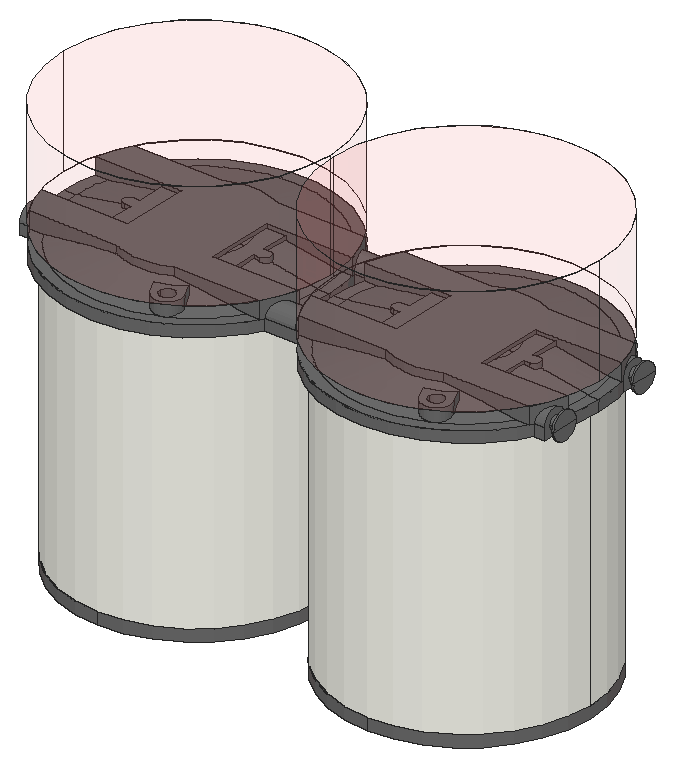
Revit family
Parameters (values of type "1320CSF")
  Watermarked By = "http://revitwatermark.com"
  Water_Ice Tank Volume = "3310 Gallons"
  Warning = "Ice tanks are a component in an ice storage system including chillers, pumps, and controls. Contact CALMAC for IceBank® selection support to make sure all system components will work together properly."
  URL = "http://www.calmac.com/"
  Total Cooling Capacity [instance] = 0.0 ton
  Tank Net Usable Capacity = "324 Ton-Hrs"
  Is Tank 2 Lid Visible = not(CTRL Off)  # yes
  Is Tank 2 Front Right Connector Visible = not(CTRL Off)  # yes
  Is Tank 2 Front Left Connector Visible = not(CTRL On)  # no
  Is Tank 2 Back Right Connector Visible = not(CTRL Off)  # yes
  Is Tank 2 Back Left Connector Visible = not(CTRL On)  # no
  Is Tank 1 Front Right Connector Visible = not(CTRL Off)  # yes
  Is Tank 1 Front Left Connector Visible = not(CTRL Off)  # yes
  Is Tank 1 Back Right Connector Visible = not(CTRL Off)  # yes
  Is Tank 1 Back Left Connector Visible = not(CTRL Off)  # yes
  Surface Finish = Plastic- Calmac- Black
  Supply Coolant Temperature [instance] = -459.67 °F
  Storage Inlet Temperature [instance] = 60 °F
  Shipping Weight = 4000.00 lbf
  Return Coolant Temperature [instance] = -459.67 °F
  Requires Plate Heat Exchanger [instance] = no
  Project/Customer = ""
  Product Page URL = "http://www.calmac.com/products/icebank.asp"
  Product Documentation Link = "http://www.calmac.com/products/documents/CS-53Model1320CSFAug2007.pdf"
  Pressure Drop [instance] = 0.00 psi
  Precool Hours [instance] = 0
  Pipe Material = Plastic- Calmac- Black
  Operating Weight = 34000.00 lbf
  Occupied Hours [instance] = 0
  Model = "1320C"
  Maximum Operating Temperature = "38°C"
  Maximum Operating Pressure = "620 kPa"
  Manufacturer e-mail = "info@Calmac.com"
  Manufacturer Contact Details = "CALMAC Manufacturing Corporation Headquarters, 3-00 Banta Place, Fair Lawn, NJ  07410, Tel: (201) 797-1511, Fax: (201) 797-1522"
  Manufacturer = "CALMAC Manufacturing Corp."  # constant formula
  Main Use [instance] = ""
  Location [instance] = ""
  Lid Type = Cooling_Plant_Accessories-Calmac-IceBank-Lid_C : Lid-C
  Lid Diameter = 89"  # constant formula
  Leg 4 = 134"  # constant formula
  Leg 2 = 90"  # constant formula
  Leg 1 = 46"  # constant formula
  Latent Cooling Capacity [instance] = 0.0 ton
  Inlet Outlet Center Height = 96 1/2"  # constant formula
  Heat Exchanger Volume = "315 Gallons"
  Has Rigging Bar [instance] = no
  Has Plate and Frame Heat Exchanger [instance] = no
  Has Ice Inventory Meter [instance] = no
  Has Heat Transfer Fluid [instance] = no
  Has Glycol Management System [instance] = no
  Floor Loading Weight = "391 lb/sq.ft."
  Factory Tested Pressure = "1724 kPa"
  Diversity Factor [instance] = 0
  Discharge Rate [instance] = 0
  Discharge Hours [instance] = 0
  Description = "Off-Peak Cooling System"
  Is Clearance Box Visible [instance] = yes
  Clearance Box Height = 36"  # constant formula
  City/State [instance] = ""
  CTRL On = yes
  CTRL Off = not(CTRL On)  # no
  CTRL Hydronic Supply Description = "Hydronic Supply"  # constant formula
  CTRL Hydronic Return Description = "Hydronic Return"  # constant formula
  CTRL Base Radius = 41 3/8"
  Body Material = Plastic- Calmac- Off_White
  Has Solid Base [instance] = yes
  Is Tank 2 Visible = not(CTRL Off)  # yes
  Base Height = Inlet Outlet Center Height - 3 3/4"  # 92 3/4"
  Base Finish = Plastic- Calmac- Black
  Assembly Code = "D3030300"
  Actual Chilled Water Flow [instance] = 0 GPM
Reference planes (in)
  plane 1 "Center (Front/Back)": y = 0
  plane 2 "Bottom": z = 0
  plane 3 "Center (Left/Right)": x = 0
  plane 4 "Left 2 Center (L/R)": x = -90
  plane 5 "T.O. Base": z = 92.75
  plane 6 "Inlet/Outlet Center (Elevation)": z = 96.5
  plane 7 "Right Connector Face": x = 46
  plane 8 "Left Connector Face": x = -134
  plane 9 "T1-T2": x = -45
  plane 10 "Top": z = 138
  plane 11 "T.O. Lid": z = 102
  plane 12 "Front Connector Center (F/B)": y = -16.5
  plane 13 "Back Connector Center (F/B)": y = 16.5
  plane 14 "Back": y = 44.5
  plane 15 "Front": y = -44.5
  plane 16 "Front of Tank": x = 44
Dimensions and locks (in)
  locked: plane 6 "Inlet/Outlet Center (Elevation)" to plane 5 "T.O. Base" at 3.75
  "Inlet Outlet Center Height": plane 6 "Inlet/Outlet Center (Elevation)" to plane 2 "Bottom"
  "Leg 1": plane 3 "Center (Left/Right)" to plane 7 "Right Connector Face"
  "Leg 4": plane 8 "Left Connector Face" to plane 3 "Center (Left/Right)"
  locked: plane 11 "T.O. Lid" to plane 6 "Inlet/Outlet Center (Elevation)" at 5.5
  locked: plane 12 "Front Connector Center (F/B)" to plane 1 "Center (Front/Back)" at 16.5
  locked: plane 1 "Center (Front/Back)" to plane 13 "Back Connector Center (F/B)" at 16.5
  locked: plane 1 "Center (Front/Back)" to plane 14 "Back" at 44.5
  locked: plane 15 "Front" to plane 1 "Center (Front/Back)" at 44.5
  "Clearance Box Height": plane 10 "Top" to plane 11 "T.O. Lid"
  plane 8 "Left Connector Face" to plane 7 "Right Connector Face" = 180"
  plane 15 "Front" to plane 14 "Back" = 89"
  locked: plane 16 "Front of Tank" to plane 7 "Right Connector Face" at 2
  plane 8 "Left Connector Face" to plane 16 "Front of Tank" = 178"
  plane 3 "Center (Left/Right)" to plane 4 "Left 2 Center (L/R)" = 90"
  "Leg 2": plane 3 "Center (Left/Right)" to plane 4 "Left 2 Center (L/R)"
  plane 3 "Center (Left/Right)" to plane 9 "T1-T2" to plane 4 "Left 2 Center (L/R)" = 45", 45"
  aligned and locked: plane 1 "Center (Front/Back)" to nested 1
  aligned and locked: plane 3 "Center (Left/Right)" to nested 1
  aligned: plane 4 "Left 2 Center (L/R)" to nested 2
  aligned and locked: plane 1 "Center (Front/Back)" to nested 2
  aligned and locked: plane 1 "Center (Front/Back)" to nested 3
  aligned: plane 4 "Left 2 Center (L/R)" to nested 3
  aligned: plane 3 "Center (Left/Right)" to nested 4
  aligned and locked: plane 5 "T.O. Base" to nested 4
  aligned and locked: plane 5 "T.O. Base" to nested 3
  aligned and locked: plane 2 "Bottom" to nested 2
  aligned and locked: plane 2 "Bottom" to nested 1
  aligned and locked: plane 4 "Left 2 Center (L/R)" to nested 2
  aligned and locked: plane 4 "Left 2 Center (L/R)" to nested 3
  aligned and locked: plane 3 "Center (Left/Right)" to nested 4
  aligned and locked: nested 4 to nested 3
Nested families (in)
  nested 1: "Cooling_Plant_Accessories-Calmac-IceBank-Base" at (0, 0, 0), type "Base"
    with Is Symbolic Line Visible no, Has Solid Base yes, CTRL Inner Wall Radius 40 1/2", CTRL Base Radius 41 3/8", Base Height 92 3/4"
  nested 2: "Cooling_Plant_Accessories-Calmac-IceBank-Base" at (-90, 0, 0), visible <- "Is Tank 2 Visible", type "Base"
    with Is Symbolic Line Visible no, Has Solid Base yes, CTRL Inner Wall Radius 40 1/2", CTRL Base Radius 41 3/8", Base Height 92 3/4"
  nested 3: "Cooling_Plant_Accessories-Calmac-IceBank-Lid_C" at (-90, 0, 92.75), type <- "Lid Type", visible <- "Is Tank 2 Lid Visible", Is Front Right  Flanged Connector Visibility <- "CTRL Off", Is Front Left  Flanged Connector Visibility <- "Is Tank 2 Front Left Connector Visible", Is Clearance Box Visible <- "Is Clearance Box Visible", Is Back Right Flanged Connector Visibility <- "CTRL Off", Is Back Left  Flanged Connector Visibility <- "Is Tank 2 Back Left Connector Visible", Clearance Box Height <- "Clearance Box Height", Diameter <- "Lid Diameter", type "Lid-C"
    with Show Piping Insulation no, Is Front Right  Flanged Connector Visibility no, Is Front Left  Flanged Connector Visibility no, Is Clearance Box Visible yes, Is Back Right Flanged Connector Visibility no, Is Back Left  Flanged Connector Visibility no, Insulation Length Right 42 19/32", Insulation Length Left 42 19/32", Diameter 89", Connections Rear Cooling_Plant_Accessories-Calmac-IceBank-4-Inch Flanged Connection : No Flange, Connections Front Cooling_Plant_Accessories-Calmac-IceBank-4-Inch Flanged Connection : No Flange, Clearance Box Height 36", CTRL Radius 44 1/2"
  nested 4: "Cooling_Plant_Accessories-Calmac-IceBank-Lid_C" at (0, 0, 92.75), type <- "Lid Type", Is Front Right  Flanged Connector Visibility <- "Is Tank 1 Front Right Connector Visible", Is Front Left  Flanged Connector Visibility <- "CTRL Off", Is Clearance Box Visible <- "Is Clearance Box Visible", Is Back Right Flanged Connector Visibility <- "Is Tank 1 Back Right Connector Visible", Is Back Left  Flanged Connector Visibility <- "CTRL Off", Clearance Box Height <- "Clearance Box Height", Diameter <- "Lid Diameter", type "Lid-C"
    with Show Piping Insulation yes, Is Front Right  Flanged Connector Visibility yes, Is Front Left  Flanged Connector Visibility no, Is Clearance Box Visible yes, Is Back Right Flanged Connector Visibility yes, Is Back Left  Flanged Connector Visibility no, Insulation Length Right 42 19/32", Insulation Length Left 132 19/32", Diameter 89", Connections Rear Cooling_Plant_Accessories-Calmac-IceBank-4-Inch Flanged Connection : No Flange, Connections Front Cooling_Plant_Accessories-Calmac-IceBank-4-Inch Flanged Connection : Flange, Clearance Box Height 36", CTRL Radius 44 1/2"
Connectors (in)
  piping at (45.0007, -16.5, 96.5), driven by "CTRL Hydronic Return Description", driven by "Actual Chilled Water Flow"
    settings: on nested 4, index 2, connector radius 2", flow factor 0, pipe flow 0 GPM, pressure drop 0.00 psi, fitting loss kfactor 0, connector angle 0.00°, fixture units 0, flow configuration 0, flow direction 1, fitting loss method 0, system type 8, connector reference index -1, connector utility 0, adjustable connector no, is connector primary yes, fitting loss table "", connector description "Hydronic Return"
  piping at (45.0007, 16.5, 96.5), driven by "CTRL Hydronic Supply Description", driven by "Actual Chilled Water Flow"
    settings: on nested 4, index 3, connector radius 2", flow factor 0, pipe flow 0 GPM, pressure drop 0.00 psi, fitting loss kfactor 0, connector angle 0.00°, fixture units 0, flow configuration 0, flow direction 0, fitting loss method 0, system type 7, connector reference index -1, connector utility 0, adjustable connector no, is connector primary no, fitting loss table "", connector description "Hydronic Supply"
Definition of nested family "Cooling_Plant_Accessories-Calmac-IceBank-Base"
  Parameters (values of type "Base")
    Wall Thickness = 7/8"
    URL = "http://www.calmac.com/"
    Type Comments = ""
    Is Symbolic Line Visible = not(Has Solid Base)  # yes
    Has Solid Base = no
    Model = "1045A"
    Manufacturer = "CALMAC Manufacturing Corp."  # constant formula
    CTRL Inner Wall Radius = CTRL Base Radius - Wall Thickness  # 36"
    CTRL Base Radius = 36 7/8"
    Body Material = Plastic- Calmac- Off_White
    Base Height = 43 5/16"
    Base Finish = Plastic- Calmac- Black
    Assembly Code = "D3030"
  Reference planes (in)
    plane 1 "Center (Front/Back)": y = 0
    plane 2 "Bottom": z = 0
    plane 3 "Center (Left/Right)": x = 0
    plane 4 "Back": y = 36.875
    plane 5 "Front": y = -36.875
    plane 6 "Right": x = 36.875
    plane 7 "Left": x = -36.875
    plane 8 "T.O. Base Plate": z = 4
    plane 9 "Right Edge of Right Void": x = 24.125
    plane 10 "Left Edge of Right Void": x = 13.125
    plane 11 "Left Edge of Left Void": x = -24.125
    plane 12 "Right Edge of Left Void": x = -13.125
    plane 13 "T.O. Base Void": z = 2
    plane 14 "T.O. Base": z = 43.3125
  Forms (in)
    Extrusion 1, solid, material "Plastic- Calmac- Black" <- "Base Finish", visible <- "Is Symbolic Line Visible", detail levels fine
      sketch origin (0, 0, 0) x (1, 0, 0) y (0, 1, 0)
        loop
          circle (0, 0) r 36.875
      from 0 to 4
    Extrusion 2, void
      sketch origin (0, 0, 0) x (1, 0, 0) y (0, 1, 0)
        loop
          line (-24.125, 36.875) -> (-24.125, -36.875) -> (-13.125, -36.875) -> (-13.125, 36.875) -> (-24.125, 36.875)
        loop
          line (13.125, 36.875) -> (13.125, -36.875) -> (24.125, -36.875) -> (24.125, 36.875) -> (13.125, 36.875)
      from 0 to 2
    Extrusion 3, solid, material "Plastic- Calmac- Off_White" <- "Body Material", detail levels fine
      sketch origin (0, 0, 0) x (1, 0, 0) y (0, 1, 0)
        loop
          circle (0, 0) r 36.875
        loop
          circle (0, 0) r 36
      from 4 to 43.3125
    Extrusion 4, solid, material "Plastic- Calmac- Black" <- "Base Finish", visible <- "Has Solid Base", detail levels fine
      sketch origin (0, 0, 43.3125) x (0, -1, 0) y (1, 0, 0)
        loop
          circle (0, 0) r 36.875
      from -43.3125 to -39.3125
  Cuts and joins
    Extrusion 2 cuts Extrusion 3
    Extrusion 2 cuts Extrusion 1
  Lines and regions (in)
    Masking region 1
      outline origin (0, 0, 0) x (1, 0, 0) y (0, 1, 0)
        loop
          circle (0, 0) r 36.875
    Masking region 2
      outline origin (0, 0, 0) x (1, 0, 0) y (0, 0, 1)
        loop
          line (-36.875, 0) -> (36.875, 0) -> (36.875, 43.3125) -> (-36.875, 43.3125) -> (-36.875, 0)
    Masking region 3
      outline origin (0, 0, 0) x (0, 1, 0) y (0, 0, 1)
        loop
          line (-36.875, 0) -> (36.875, 0) -> (36.875, 43.3125) -> (-36.875, 43.3125) -> (-36.875, 0)
    symbolic lines, style "Base", detail levels medium+fine
      curve 1: line (-36.875, 0, 4) -> (36.875, 0, 4)
      curve 8: line (0, -36.875, 4) -> (0, 36.875, 4)
    symbolic lines, style "Base", visible <- "Is Symbolic Line Visible", detail levels medium+fine
      curve 2: line (-24.125, 0, 0) -> (-24.125, 0, 2)
      curve 3: line (-24.125, 0, 2) -> (-13.125, 0, 2)
      curve 4: line (13.125, 0, 2) -> (24.125, 0, 2)
      curve 5: line (13.125, 0, 0) -> (13.125, 0, 2)
      curve 6: line (24.125, 0, 0) -> (24.125, 0, 2)
      curve 7: line (-13.125, 0, 0) -> (-13.125, 0, 2)
    model lines, style "Base", detail levels medium
      curve 9: circle (0, 0, 43.3125) r 36.875 normal (0, 0, 1)
      curve 10: circle (0, 0, 4) r 36.875 normal (0, 0, 1)
      curve 11: circle (0, 0, 0) r 36.875 normal (0, 0, 1)
      curve 12: line (36.875, 0, 0) -> (36.875, 0, 43.3125)
      curve 13: line (-36.875, 0, 0) -> (-36.875, 0, 43.3125)
      curve 14: line (0, -36.875, 0) -> (0, -36.875, 43.3125)
      curve 15: line (0, 36.875, 0) -> (0, 36.875, 43.3125)
    model lines, style "Base", detail levels coarse
      curve 16: line (0, 0, 0) -> (0, 0, 43.3125)
  Dimensions and locks (in)
    locked: plane 7 "Left" to plane 11 "Left Edge of Left Void" at 12.75
    locked: plane 7 "Left" to plane 12 "Right Edge of Left Void" at 23.75
    locked: plane 9 "Right Edge of Right Void" to plane 6 "Right" at 12.75
    locked: plane 10 "Left Edge of Right Void" to plane 6 "Right" at 23.75
    "CTRL Base Radius": plane 7 "Left" to plane 3 "Center (Left/Right)"
    "CTRL Base Radius": plane 3 "Center (Left/Right)" to plane 6 "Right"
    "CTRL Base Radius": plane 1 "Center (Front/Back)" to plane 4 "Back"
    "CTRL Base Radius": plane 5 "Front" to plane 1 "Center (Front/Back)"
    locked: plane 8 "T.O. Base Plate" to plane 2 "Bottom" at 4
    "Base Height": plane 14 "T.O. Base" to plane 2 "Bottom"
    locked: plane 13 "T.O. Base Void" to plane 2 "Bottom" at 2
    "CTRL Base Radius": radius of Extrusion 1 sketch curve
    "CTRL Base Radius": radius of Extrusion 3 sketch curve
    "CTRL Inner Wall Radius": radius of Extrusion 3 sketch curve
    "CTRL Base Radius": radius of Masking region 1 sketch curve
    "CTRL Base Radius": radius of curve 9
    "CTRL Base Radius": radius of curve 10
    "CTRL Base Radius": radius of curve 11
    "CTRL Base Radius": radius of Extrusion 4 sketch curve
    aligned and locked: plane 3 "Center (Left/Right)" to Extrusion 1 sketch curve
    aligned and locked: plane 1 "Center (Front/Back)" to Extrusion 1 sketch curve
    aligned and locked: Extrusion 1 to plane 2 "Bottom"
    aligned and locked: plane 8 "T.O. Base Plate" to Extrusion 1
    aligned and locked: plane 2 "Bottom" to Extrusion 1
    aligned and locked: Extrusion 2 sketch curve to plane 4 "Back"  (x2)
    aligned and locked: Extrusion 2 sketch curve to plane 12 "Right Edge of Left Void"
    aligned and locked: plane 11 "Left Edge of Left Void" to Extrusion 2 sketch curve
    aligned and locked: Extrusion 2 sketch curve to plane 5 "Front"  (x2)
    aligned and locked: Extrusion 2 sketch curve to plane 10 "Left Edge of Right Void"
    aligned and locked: Extrusion 2 sketch curve to plane 9 "Right Edge of Right Void"
    aligned and locked: plane 13 "T.O. Base Void" to Extrusion 2
    aligned and locked: Extrusion 2 to plane 2 "Bottom"
    aligned and locked: Extrusion 2 to plane 5 "Front"
    aligned and locked: plane 4 "Back" to Extrusion 2
    aligned and locked: Extrusion 2 to plane 13 "T.O. Base Void"  (x2)
    aligned and locked: plane 11 "Left Edge of Left Void" to Extrusion 2
    aligned and locked: plane 2 "Bottom" to Extrusion 2  (x2)
    aligned and locked: Extrusion 2 to plane 12 "Right Edge of Left Void"
    aligned and locked: plane 10 "Left Edge of Right Void" to Extrusion 2
    aligned and locked: Extrusion 2 to plane 9 "Right Edge of Right Void"
    aligned and locked: plane 3 "Center (Left/Right)" to Extrusion 3 sketch curve  (x2)
    aligned and locked: plane 1 "Center (Front/Back)" to Extrusion 3 sketch curve  (x2)
    aligned and locked: Extrusion 3 to plane 8 "T.O. Base Plate"
    aligned and locked: plane 14 "T.O. Base" to Extrusion 3
    aligned and locked: plane 3 "Center (Left/Right)" to Masking region 1 sketch curve
    aligned and locked: plane 1 "Center (Front/Back)" to Masking region 1 sketch curve
    aligned and locked: Masking region 2 sketch curve to plane 14 "T.O. Base"
    aligned and locked: plane 6 "Right" to Masking region 2 sketch curve
    aligned and locked: plane 2 "Bottom" to Masking region 2 sketch curve
    aligned and locked: Masking region 2 sketch curve to plane 7 "Left"
    aligned and locked: plane 7 "Left" to curve 1
    aligned and locked: plane 6 "Right" to curve 1
    aligned and locked: curve 1 to plane 8 "T.O. Base Plate"
    aligned and locked: plane 11 "Left Edge of Left Void" to curve 3
    aligned and locked: plane 12 "Right Edge of Left Void" to curve 3
    aligned and locked: curve 3 to plane 13 "T.O. Base Void"
    aligned and locked: plane 2 "Bottom" to curve 2
    aligned and locked: curve 2 to plane 11 "Left Edge of Left Void"
    aligned and locked: plane 10 "Left Edge of Right Void" to curve 4
    aligned and locked: plane 9 "Right Edge of Right Void" to curve 4
    aligned and locked: plane 13 "T.O. Base Void" to curve 5
    aligned and locked: plane 13 "T.O. Base Void" to curve 6
    aligned and locked: plane 2 "Bottom" to curve 5
    aligned and locked: curve 5 to plane 10 "Left Edge of Right Void"
    aligned and locked: curve 6 to plane 9 "Right Edge of Right Void"
    aligned and locked: plane 13 "T.O. Base Void" to curve 7
    aligned and locked: plane 2 "Bottom" to curve 7
    aligned and locked: curve 7 to plane 12 "Right Edge of Left Void"
    aligned and locked: plane 5 "Front" to Masking region 3 sketch curve
    aligned and locked: plane 14 "T.O. Base" to Masking region 3 sketch curve
    aligned and locked: Masking region 3 sketch curve to plane 4 "Back"
    aligned and locked: plane 2 "Bottom" to Masking region 3 sketch curve
    aligned and locked: plane 4 "Back" to curve 8
    aligned and locked: plane 5 "Front" to curve 8
    aligned and locked: curve 8 to plane 8 "T.O. Base Plate"
    aligned and locked: plane 3 "Center (Left/Right)" to curve 9
    aligned and locked: plane 1 "Center (Front/Back)" to curve 9
    aligned and locked: curve 9 to plane 14 "T.O. Base"
    aligned and locked: curve 10 to plane 8 "T.O. Base Plate"
    aligned and locked: plane 3 "Center (Left/Right)" to curve 10
    aligned and locked: plane 1 "Center (Front/Back)" to curve 10
    aligned: curve 11 to plane 2 "Bottom"
    aligned and locked: plane 3 "Center (Left/Right)" to curve 11
    aligned and locked: plane 1 "Center (Front/Back)" to curve 11
    aligned and locked: plane 14 "T.O. Base" to curve 12
    aligned and locked: plane 14 "T.O. Base" to curve 13
    aligned and locked: plane 2 "Bottom" to curve 12
    aligned and locked: plane 2 "Bottom" to curve 13
    aligned and locked: curve 12 to plane 6 "Right"
    aligned and locked: curve 13 to plane 7 "Left"
    aligned and locked: curve 12 to plane 1 "Center (Front/Back)"
    aligned and locked: curve 13 to plane 1 "Center (Front/Back)"
    aligned and locked: plane 14 "T.O. Base" to curve 14
    aligned and locked: plane 14 "T.O. Base" to curve 15
    aligned and locked: plane 2 "Bottom" to curve 14
    aligned and locked: plane 2 "Bottom" to curve 15
    aligned and locked: plane 4 "Back" to curve 15
    aligned and locked: plane 5 "Front" to curve 14
    aligned and locked: plane 3 "Center (Left/Right)" to curve 14
    aligned and locked: plane 3 "Center (Left/Right)" to curve 15
    aligned and locked: plane 14 "T.O. Base" to curve 16
    aligned and locked: plane 2 "Bottom" to curve 16
    aligned and locked: plane 3 "Center (Left/Right)" to curve 16
    aligned and locked: curve 16 to plane 1 "Center (Front/Back)"
    aligned and locked: plane 1 "Center (Front/Back)" to Extrusion 4 sketch curve
    aligned and locked: plane 3 "Center (Left/Right)" to Extrusion 4 sketch curve
    aligned and locked: plane 8 "T.O. Base Plate" to Extrusion 4
    aligned and locked: Extrusion 4 to plane 2 "Bottom"
  Automatic sketch dimensions
    curve 6 to level = 0"
Definition of nested family "Cooling_Plant_Accessories-Calmac-IceBank-Lid_C"
  Parameters (values of type "Lid-C")
    Surface Finish = Plastic- Calmac- Black
    Show Piping Insulation [instance] = yes
    Insulation Length Right [instance] = 42 19/32"
    Insulation Length Left [instance] = 42 19/32"
    Connections Rear [instance] = Cooling_Plant_Accessories-Calmac-IceBank-4-Inch Flanged Connection : Flange
    Pipe Material = Plastic- Calmac- Black
    Is Front Right  Flanged Connector Visibility [instance] = yes
    Is Front Left  Flanged Connector Visibility [instance] = yes
    Connections Front [instance] = Cooling_Plant_Accessories-Calmac-IceBank-4-Inch Flanged Connection : Flange
    Diameter [instance] = 88 5/8"
    Is Clearance Box Visible [instance] = yes
    Clearance Box Height [instance] = 36"
    CTRL Radius [instance] = Diameter / 2  # 44 5/16"
    Is Back Right Flanged Connector Visibility [instance] = yes
    Is Back Left  Flanged Connector Visibility [instance] = yes
  Reference planes (in)
    plane 1 "Center (Front/Back)": y = 0
    plane 2 "Bottom": z = 0
    plane 3 "Center (Left/Right)": x = 0
    plane 4 "Back": y = 44.315
    plane 5 "Back Connector Back": y = 20.75
    plane 6 "Back Connector Center": y = 16.5
    plane 7 "Back Connector Front": y = 12.25
    plane 8 "Piping Back": y = 21.88647
    plane 9 "Rigging Back": y = 11.25
    plane 10 "Rigging Loop Back": y = 2
    plane 11 "Top Back Edge": y = 24
    plane 12 "Back Inset": y = 40.5
    plane 13 "Back Bolt Front": y = 41.313
    plane 14 "Front": y = -44.315
    plane 15 "Front Connection Front": y = -20.75
    plane 16 "Fron Connector Center": y = -16.5
    plane 17 "Front Connector Back": y = -12.25
    plane 18 "Piping Front": y = -21.88647
    plane 19 "Rigging Front": y = -11.25
    plane 20 "Rigging Loop Front": y = -2
    plane 21 "Top Front Edge": y = -24
    plane 22 "Front Inset": y = -40.5
    plane 23 "Pad Eye Back Right": y = -25.81593
    plane 24 "Pad Eye Back Left Offset": y = -29.90257
    plane 25 "Pad Eye Hole": y = -34.65277
    plane 26 "Pad Eye Back Left": y = -29.72849
    plane 27 "Pad Eye Front Center": y = -36.16371
    plane 28 "Left Connection": x = -44.04297
    plane 29 "Left": x = -44.31273
    plane 30 "Left Lip Inset": x = -40.49773
    plane 31 "Left Rigging Loop Left": x = -24.67173
    plane 32 "Left Rigging Loop Inset": x = -21.42181
    plane 33 "Left Rigging Loop Right": x = -20.67011
    plane 34 "Left Rigging Right": x = -14.19546
    plane 35 "Top Left": x = -9.54335
    plane 36 "Right Connection": x = 44.04297
    plane 37 "Right": x = 44.31273
    plane 38 "Lid Inset Right": x = 40.49773
    plane 39 "Right Rigging Loop Right": x = 24.67173
    plane 40 "Right Rigging Loop Inset": x = 21.42181
    plane 41 "Right Rigging Loop Left": x = 20.67011
    plane 42 "Right Rigging Left": x = 14.19546
    plane 43 "Top Right": x = 9.54335
    plane 44 "Connection Sleeve Left": x = -42.58273
    plane 45 "Connection Sleeve Right": x = 42.58273
    plane 46 "Right Center": x = 17.8202
    plane 47 "Bolt Inset Right": x = 1.00017
    plane 48 "Bolt Inset Left": x = -1.00017
    plane 49 "Bolt Inset Center": y = 42.31422
    plane 50 "Top Left Inset": x = -38.53052
    plane 51 "Top Right Inset": x = 38.53052
    plane 52 "Right Side Chanel": x = 42.86089
    plane 53 "Left Side Channel": x = -42.86089
    plane 54 "Top of Clearance Box": z = 45.25
    plane 55 "Top": z = 9.25
    plane 56 "Connector Channel Top": z = 8
    plane 57 "Center (Elevation)": z = 3.75
    plane 58 "Front Inset 2": y = -36.85443
    plane 59 "Flange Right": x = 46.0007
    plane 60 "Insulation - Right": x = 42.59375
    plane 61 "Insulation - Left": x = -42.59375
    plane 62 "Flange Left": x = -46.01172
    plane 63: x = 46.01172
  Forms (in)
    Revolve 1, solid, material "Plastic- Calmac- Black" <- "Surface Finish", detail levels fine
      sketch origin (0, 0, 0) x (1, 0, 0) y (0, 0, 1)
        loop
          line (0, 9) -> (0, 0) -> (44.31273, 0) -> (44.31273, 3.75) -> (40.49773, 3.75) -> (9.54335, 9) -> (0, 9)
        axis (0, 9) -> (0, 0)
      angle from 0 to 360
    Extrusion 2, solid, material "Plastic- Calmac- Black" <- "Surface Finish", detail levels fine
      sketch origin (0, 0, 0) x (1, 0, 0) y (0, 1, 0)
        loop
          arc (-38.53052, 21.88647) -> (-41.04173, 16.70911) -> (-42.86089, 11.25) r 44.31273
          line (-42.86089, 11.25) -> (-14.19546, 11.25) -> (-14.19546, -11.25) -> (-42.86089, -11.25)
          arc (-42.86089, -11.25) -> (-41.04173, -16.70911) -> (-38.53052, -21.88647) r 44.31273
          line (-38.53052, -21.88647) -> (-9.54335, -21.88647)
          arc (-9.54335, -21.88647) -> (0, -24) -> (9.54335, -21.88647) r 22.60261
          line (9.54335, -21.88647) -> (38.53052, -21.88647)
          arc (38.53052, -21.88647) -> (41.04173, -16.70911) -> (42.86089, -11.25) r 44.31273
          line (42.86089, -11.25) -> (14.19546, -11.25) -> (14.19546, 11.25) -> (42.86089, 11.25)
          arc (42.86089, 11.25) -> (41.04173, 16.70911) -> (38.53052, 21.88647) r 44.31273
          line (38.53052, 21.88647) -> (9.54335, 21.88647)
          arc (9.54335, 21.88647) -> (0, 24) -> (-9.54335, 21.88647) r 22.60261
          line (-9.54335, 21.88647) -> (-38.53052, 21.88647)
      from 3.75 to 9.25
    Extrusion 3, solid, material "Plastic- Calmac- Black" <- "Surface Finish", visible <- "Show Piping Insulation", detail levels fine
      sketch origin (0, 0, 0) x (0, 1, 0) y (0, 0, 1)
        loop
          arc (20.75, 3.75) -> (16.5, 8) -> (12.25, 3.75) r 4.25
          line (12.25, 3.75) -> (12.25, 0) -> (20.75, 0) -> (20.75, 3.75)
        loop
          arc (-12.25, 3.75) -> (-16.5, 8) -> (-20.75, 3.75) r 4.25
          line (-20.75, 3.75) -> (-20.75, 0) -> (-12.25, 0) -> (-12.25, 3.75)
      from -42.59375 to 42.59375
    Extrusion 4, solid, material "Plastic- Calmac- Black" <- "Surface Finish", detail levels fine
      sketch origin (0, 0, 0) x (1, 0, 0) y (0, 1, 0)
        loop
          circle (15.75299, -32.19443) r 2.46875
        loop
          arc (17.70624, -25.58301) -> (13.67455, -27.9461) -> (9.33437, -29.67863) r 31.11
          line (9.33437, -29.67863) -> (11.56709, -34.24232)
          arc (11.56709, -34.24232) -> (17.80089, -36.38032) -> (19.93889, -30.14653) r 4.66
          line (19.93889, -30.14653) -> (17.70624, -25.58301)
      from 3.75 to 8
    Extrusion 5, solid, material "Plastic- Calmac- Black" <- "Surface Finish", detail levels fine
      sketch origin (0, 0, 0) x (1, 0, 0) y (0, 1, 0)
        loop
          line (-20.67011, 11.25) -> (-20.67011, 2) -> (-22.67173, 2)
          arc (-22.67173, 2) -> (-24.67173, 0) -> (-22.67173, -2) r 2
          line (-22.67173, -2) -> (-20.67011, -2) -> (-20.67011, -11.25) -> (-14.19546, -11.25) -> (-14.19546, 11.25) -> (-20.67011, 11.25)
        loop
          line (20.67011, 2) -> (20.67011, 11.25) -> (14.19546, 11.25) -> (14.19546, -11.25) -> (20.67011, -11.25) -> (20.67011, -2) -> (22.67548, -2)
          arc (22.67548, -2) -> (24.67548, 0) -> (22.67548, 2) r 2
          line (22.67548, 2) -> (20.67011, 2)
      from 3.75 to 8
  Cuts and joins
    joined: Revolve 1, Extrusion 2, Extrusion 4, Extrusion 5
  Lines and regions (in)
    Masking region 1
      outline origin (0, 0, 0) x (1, 0, 0) y (0, 0, 1)
        loop
          line (-44.31273, 9.25) -> (-44.31273, 0) -> (44.31273, 0) -> (44.31273, 9.25) -> (-44.31273, 9.25)
    Masking region 2
      outline origin (0, 0, 0) x (0, 1, 0) y (0, 0, 1)
        loop
          line (44.315, 3.75) -> (40.5, 3.75) -> (24, 6.54801) -> (24, 9.25) -> (-24, 9.25) -> (-24, 6.54801) -> (-25.58301, 6.26888) -> (-25.58301, 8) -> (-36.85443, 8) -> (-36.85443, 4.39281) -> (-40.5, 3.75) -> (-44.315, 3.75) -> (-44.315, 0) -> (44.315, 0) -> (44.315, 3.75)
    Masking region 3
      outline origin (0, 0, 3.75) x (-1, 0, 0) y (0, -1, 0)
        loop
          circle (0, 0) r 44.31273
    Masking region 4, visible <- "Show Piping Insulation"
      outline origin (0, 0, 9) x (-1, 0, 0) y (0, -1, 0)
        loop
          line (42.59375, -20.75) -> (42.59375, -12.25) -> (-42.59375, -12.25) -> (-42.59375, -20.75) -> (42.59375, -20.75)
        loop
          line (42.59375, 12.25) -> (42.59375, 20.75) -> (-42.59375, 20.75) -> (-42.59375, 12.25) -> (42.59375, 12.25)
    Masking region 5, visible <- "Show Piping Insulation"
      outline origin (0, 0, 0) x (1, 0, 0) y (0, 0, 1)
        loop
          line (-42.59375, 8) -> (-42.59375, 0) -> (42.59375, 0) -> (42.59375, 8) -> (-42.59375, 8)
    symbolic lines, detail levels fine
      curve 1: line (1.00017, 44.315, 3.75) -> (1.00017, 42.31422, 3.75)
      curve 2: line (-1.00017, 44.315, 3.75) -> (-1.00017, 42.31422, 3.75)
      curve 3: arc (-1.00017, 42.31422, 3.75) -> (0, 41.31405, 3.75) -> (1.00017, 42.31422, 3.75) r 1.00017
      curve 4: line (10.83611, 42.98137, 3.75) -> (10.39089, 41.03076, 3.75)
      curve 5: line (8.88592, 43.42649, 3.75) -> (8.44071, 41.47588, 3.75)
      curve 6: arc (8.44071, 41.47588, 3.75) -> (9.19324, 40.27822, 3.75) -> (10.39089, 41.03076, 3.75) r 1.00017
      curve 7: line (-8.88592, 43.42649, 3.75) -> (-8.44071, 41.47588, 3.75)
      curve 8: line (-10.83611, 42.98137, 3.75) -> (-10.39089, 41.03076, 3.75)
      curve 9: arc (-10.39089, 41.03076, 3.75) -> (-9.19324, 40.27822, 3.75) -> (-8.44071, 41.47588, 3.75) r 1.00017
      curve 10: line (-18.32644, 40.36039, 3.75) -> (-17.45833, 38.55775, 3.75)
      curve 11: line (-20.12868, 39.49248, 3.75) -> (-19.26058, 37.68984, 3.75)
      curve 12: arc (-19.26058, 37.68984, 3.75) -> (-17.9255, 37.22267, 3.75) -> (-17.45833, 38.55775, 3.75) r 1.00017
      curve 13: line (-26.84799, 35.27046, 3.75) -> (-25.60052, 33.70619, 3.75)
      curve 14: line (-28.41192, 34.02327, 3.75) -> (-27.16445, 32.45899, 3.75)
      curve 15: arc (-27.16445, 32.45899, 3.75) -> (-25.75889, 32.30063, 3.75) -> (-25.60052, 33.70619, 3.75) r 1.00017
      curve 16: line (-34.02327, 28.41192, 3.75) -> (-32.45899, 27.16445, 3.75)
      curve 17: line (-35.27046, 26.84799, 3.75) -> (-33.70619, 25.60052, 3.75)
      curve 18: arc (-33.70619, 25.60052, 3.75) -> (-32.30063, 25.75889, 3.75) -> (-32.45899, 27.16445, 3.75) r 1.00017
      curve 19: line (-42.98137, 10.83611, 3.75) -> (-41.03076, 10.39089, 3.75)
      curve 20: line (-43.42649, 8.88592, 3.75) -> (-41.47588, 8.44071, 3.75)
      curve 21: arc (-41.47588, 8.44071, 3.75) -> (-40.27822, 9.19324, 3.75) -> (-41.03076, 10.39089, 3.75) r 1.00017
      curve 22: line (-44.315, 1.00017, 3.75) -> (-42.31422, 1.00017, 3.75)
      curve 23: line (-44.315, -1.00017, 3.75) -> (-42.31422, -1.00017, 3.75)
      curve 24: arc (-42.31422, -1.00017, 3.75) -> (-41.31405, 0, 3.75) -> (-42.31422, 1.00017, 3.75) r 1.00017
      curve 25: line (-43.42649, -8.88592, 3.75) -> (-41.47588, -8.44071, 3.75)
      curve 26: line (-42.98137, -10.83611, 3.75) -> (-41.03076, -10.39089, 3.75)
      curve 27: arc (-41.03076, -10.39089, 3.75) -> (-40.27822, -9.19324, 3.75) -> (-41.47588, -8.44071, 3.75) r 1.00017
      curve 28: line (-35.27046, -26.84799, 3.75) -> (-33.70619, -25.60052, 3.75)
      curve 29: line (-34.02327, -28.41192, 3.75) -> (-32.45899, -27.16445, 3.75)
      curve 30: arc (-32.45899, -27.16445, 3.75) -> (-32.30063, -25.75889, 3.75) -> (-33.70619, -25.60052, 3.75) r 1.00017
      curve 31: line (-28.41192, -34.02327, 3.75) -> (-27.16445, -32.45899, 3.75)
      curve 32: line (-26.84799, -35.27046, 3.75) -> (-25.60052, -33.70619, 3.75)
      curve 33: arc (-25.60052, -33.70619, 3.75) -> (-25.75889, -32.30063, 3.75) -> (-27.16445, -32.45899, 3.75) r 1.00017
      curve 34: line (-20.12868, -39.49248, 3.75) -> (-19.26058, -37.68984, 3.75)
      curve 35: line (-18.32644, -40.36039, 3.75) -> (-17.45833, -38.55775, 3.75)
      curve 36: arc (-17.45833, -38.55775, 3.75) -> (-17.9255, -37.22267, 3.75) -> (-19.26058, -37.68984, 3.75) r 1.00017
      curve 37: line (-10.83611, -42.98137, 3.75) -> (-10.39089, -41.03076, 3.75)
      curve 38: line (-8.88592, -43.42649, 3.75) -> (-8.44071, -41.47588, 3.75)
      curve 39: arc (-8.44071, -41.47588, 3.75) -> (-9.19324, -40.27822, 3.75) -> (-10.39089, -41.03076, 3.75) r 1.00017
      curve 40: line (-1.00017, -44.315, 3.75) -> (-1.00017, -42.31422, 3.75)
      curve 41: line (1.00017, -44.315, 3.75) -> (1.00017, -42.31422, 3.75)
      curve 42: arc (1.00017, -42.31422, 3.75) -> (0, -41.31405, 3.75) -> (-1.00017, -42.31422, 3.75) r 1.00017
      curve 43: line (8.88592, -43.42649, 3.75) -> (8.44071, -41.47588, 3.75)
      curve 44: line (10.83611, -42.98137, 3.75) -> (10.39089, -41.03076, 3.75)
      curve 45: arc (10.39089, -41.03076, 3.75) -> (9.19324, -40.27822, 3.75) -> (8.44071, -41.47588, 3.75) r 1.00017
      curve 46: line (18.32644, -40.36039, 3.75) -> (17.45833, -38.55775, 3.75)
      curve 47: line (20.12868, -39.49248, 3.75) -> (19.26058, -37.68984, 3.75)
      curve 48: arc (19.26058, -37.68984, 3.75) -> (17.9255, -37.22267, 3.75) -> (17.45833, -38.55775, 3.75) r 1.00017
      curve 49: line (26.84799, -35.27046, 3.75) -> (25.60052, -33.70619, 3.75)
      curve 50: line (28.41192, -34.02327, 3.75) -> (27.16445, -32.45899, 3.75)
      curve 51: arc (27.16445, -32.45899, 3.75) -> (25.75889, -32.30063, 3.75) -> (25.60052, -33.70619, 3.75) r 1.00017
      curve 52: line (34.02327, -28.41192, 3.75) -> (32.45899, -27.16445, 3.75)
      curve 53: line (35.27046, -26.84799, 3.75) -> (33.70619, -25.60052, 3.75)
      curve 54: arc (33.70619, -25.60052, 3.75) -> (32.30063, -25.75889, 3.75) -> (32.45899, -27.16445, 3.75) r 1.00017
      curve 55: line (42.98137, -10.83611, 3.75) -> (41.03076, -10.39089, 3.75)
      curve 56: line (43.42649, -8.88592, 3.75) -> (41.47588, -8.44071, 3.75)
      curve 57: arc (41.47588, -8.44071, 3.75) -> (40.27822, -9.19324, 3.75) -> (41.03076, -10.39089, 3.75) r 1.00017
      curve 58: line (44.315, -1.00017, 3.75) -> (42.31422, -1.00017, 3.75)
      curve 59: line (44.315, 1.00017, 3.75) -> (42.31422, 1.00017, 3.75)
      curve 60: arc (42.31422, 1.00017, 3.75) -> (41.31405, 0, 3.75) -> (42.31422, -1.00017, 3.75) r 1.00017
      curve 61: line (43.42649, 8.88592, 3.75) -> (41.47588, 8.44071, 3.75)
      curve 62: line (42.98137, 10.83611, 3.75) -> (41.03076, 10.39089, 3.75)
      curve 63: arc (41.03076, 10.39089, 3.75) -> (40.27822, 9.19324, 3.75) -> (41.47588, 8.44071, 3.75) r 1.00017
      curve 64: line (35.27046, 26.84799, 3.75) -> (33.70619, 25.60052, 3.75)
      curve 65: line (34.02327, 28.41192, 3.75) -> (32.45899, 27.16445, 3.75)
      curve 66: arc (32.45899, 27.16445, 3.75) -> (32.30063, 25.75889, 3.75) -> (33.70619, 25.60052, 3.75) r 1.00017
      curve 67: line (28.41192, 34.02327, 3.75) -> (27.16445, 32.45899, 3.75)
      curve 68: line (26.84799, 35.27046, 3.75) -> (25.60052, 33.70619, 3.75)
      curve 69: arc (25.60052, 33.70619, 3.75) -> (25.75889, 32.30063, 3.75) -> (27.16445, 32.45899, 3.75) r 1.00017
      curve 70: line (20.12868, 39.49248, 3.75) -> (19.26058, 37.68984, 3.75)
      curve 71: line (18.32644, 40.36039, 3.75) -> (17.45833, 38.55775, 3.75)
      curve 72: arc (17.45833, 38.55775, 3.75) -> (17.9255, 37.22267, 3.75) -> (19.26058, 37.68984, 3.75) r 1.00017
    symbolic lines, style "Thermal Energy Storage", detail levels medium+fine
      curve 73: arc (0, 20.75, 3.75) -> (0, 16.5, 8) -> (0, 12.25, 3.75) r 4.25
      curve 74: line (0, 20.75, 0) -> (0, 20.75, 3.75)
      curve 75: line (0, 12.25, 3.75) -> (0, 12.25, 0)
      curve 77: line (0, 21.88647, 3.75) -> (0, 21.88647, 9.25)
      curve 78: line (0, 21.88647, 3.75) -> (0, 40.5, 3.75)
      curve 80: line (0, -11.25, 3.75) -> (0, -11.25, 9.25)
      curve 86: line (0, 11.25, 9.25) -> (0, 11.25, 3.75)
      curve 87: line (0, 11.25, 3.75) -> (0, -11.25, 3.75)
      curve 88: arc (0, -12.25, 3.75) -> (0, -16.5, 8) -> (0, -20.75, 3.75) r 4.25
      curve 89: line (0, -12.25, 0) -> (0, -12.25, 3.75)
      curve 90: line (0, -20.75, 3.75) -> (0, -20.75, 0)
      curve 95: line (0, -21.88647, 9.25) -> (0, -21.88647, 3.75)
      curve 96: line (0, -21.88647, 3.75) -> (0, -40.49773, 3.75)
      curve 97: line (-38.53052, 0, 3.75) -> (38.53052, 0, 3.75)
      curve 99: line (-38.53052, 0, 3.75) -> (-38.53052, 0, 9.25)
      curve 109: line (38.53052, 0, 3.75) -> (38.53052, 0, 9.25)
      curve 111: line (-9.54335, 21.88647, 3.75) -> (-38.53052, 21.88647, 3.75)
      curve 112: arc (-38.53052, 21.88647, 3.75) -> (-41.04173, 16.70911, 3.75) -> (-42.86089, 11.25, 3.75) r 44.31273
      curve 113: line (-42.86089, 11.25, 3.75) -> (-14.19546, 11.25, 3.75)
      curve 114: line (-14.19546, 11.25, 3.75) -> (-14.19546, -11.25, 3.75)
      curve 115: line (-14.19546, -11.25, 3.75) -> (-42.86089, -11.25, 3.75)
      curve 116: arc (-42.86089, -11.25, 3.75) -> (-41.04173, -16.70911, 3.75) -> (-38.53052, -21.88647, 3.75) r 44.31273
      curve 117: line (-38.53052, -21.88647, 3.75) -> (-9.54335, -21.88647, 3.75)
      curve 118: arc (-9.54335, -21.88647, 3.75) -> (0, -24, 3.75) -> (9.54335, -21.88647, 3.75) r 22.60261
      curve 119: line (9.54335, -21.88647, 3.75) -> (38.53052, -21.88647, 3.75)
      curve 120: arc (38.53052, -21.88647, 3.75) -> (41.04173, -16.70911, 3.75) -> (42.86089, -11.25, 3.75) r 44.31273
      curve 121: line (42.86089, -11.25, 3.75) -> (14.19546, -11.25, 3.75)
      curve 122: line (14.19546, -11.25, 3.75) -> (14.19546, 11.25, 3.75)
      curve 123: line (14.19546, 11.25, 3.75) -> (42.86089, 11.25, 3.75)
      curve 124: arc (42.86089, 11.25, 3.75) -> (41.04173, 16.70911, 3.75) -> (38.53052, 21.88647, 3.75) r 44.31273
      curve 125: line (38.53052, 21.88647, 3.75) -> (9.54335, 21.88647, 3.75)
      curve 126: arc (9.54335, 21.88647, 3.75) -> (0, 24, 3.75) -> (-9.54335, 21.88647, 3.75) r 22.60261
      curve 155: arc (-34.07417, -21.88647, 3.75) -> (0, -40.51236, 3.75) -> (34.07417, -21.88647, 3.75) r 40.48056
      curve 156: arc (-38.90378, -11.25, 3.75) -> (-40.49773, 0, 3.75) -> (-38.90378, 11.25, 3.75) r 40.49773
      curve 157: arc (-34.07417, 21.88647, 3.75) -> (0, 40.5, 3.75) -> (34.07417, 21.88647, 3.75) r 40.49507
      curve 158: arc (38.90378, 11.25, 3.75) -> (40.49773, 0, 3.75) -> (38.90378, -11.25, 3.75) r 40.49773
    symbolic lines, style "Thermal Energy Storage", detail levels fine
      curve 76: line (0, 24, 6.54801) -> (0, 21.87678, 6.54801)
      curve 79: arc (0, -2, 7.09716) -> (0, -6.62882, 6.93697) -> (0, -11.25, 6.62646) r 142.52273
      curve 81: line (0, -11.25, 8) -> (0, -2, 8)
      curve 82: line (0, -2, 8) -> (0, -2, 6.75604)
      curve 83: arc (0, 11.25, 6.62646) -> (0, 6.62882, 6.93697) -> (0, 2, 7.09716) r 142.52273
      curve 84: line (0, 2, 6.75593) -> (0, 2, 8)
      curve 85: line (0, 2, 8) -> (0, 11.25, 8)
      curve 91: line (0, -36.85495, 4.39272) -> (0, -25.60206, 6.37691)
      curve 92: line (0, -24, 6.54801) -> (0, -21.9107, 6.54801)
      curve 93: spline (0, -1.99864, 6.75604) -> (0, -1.98159, 6.71429) -> (0, -1.93074, 6.67324) -> (0, -1.84694, 6.63358) -> (0, -1.73161, 6.59599) -> (0, -1.58672, 6.56109) -> (0, -1.4147, 6.52948) -> (0, -1.21849, 6.50169) -> (0, -1.0014, 6.4782) -> (0, -0.7671, 6.45941) -> (0, -0.51958, 6.44563) -> (0, -0.26302, 6.43709) -> (0, -0.00177, 6.43395)
      curve 94: spline (0, -0.00177, 6.43395) -> (0, 0.25981, 6.43472) -> (0, 0.51674, 6.44125) -> (0, 0.76466, 6.45344) -> (0, 0.99936, 6.47108) -> (0, 1.21686, 6.49387) -> (0, 1.41346, 6.52142) -> (0, 1.58583, 6.55326) -> (0, 1.73103, 6.58885) -> (0, 1.84661, 6.62759) -> (0, 1.93059, 6.66882) -> (0, 1.98156, 6.71185) -> (0, 1.99865, 6.75593)
      curve 98: spline (9.33437, 0, 6.56806) -> (7.83355, 0, 6.56193) -> (6.29236, 0, 6.55689) -> (4.71875, 0, 6.55296) -> (3.12081, 0, 6.55016) -> (1.50679, 0, 6.54851) -> (-0.115, 0, 6.54801) -> (-1.73619, 0, 6.54867) -> (-3.34844, 0, 6.55049) -> (-4.94343, 0, 6.55345) -> (-6.51294, 0, 6.55754) -> (-8.04888, 0, 6.56273) -> (-9.54335, 0, 6.56901)
      curve 100: line (9.33437, 0, 5.34188) -> (9.33437, 0, 8)
      curve 101: line (20.41299, 0, 8) -> (9.33437, 0, 8)
      curve 102: line (9.54335, 0, 8) -> (9.54335, 0, 9)
      curve 103: line (20.41299, 0, 8) -> (20.41299, 0, 4.17536)
      curve 104: line (9.33437, 0, 5.34188) -> (11.56709, 0, 4.48854)
      curve 105: arc (11.56709, 0, 4.48854) -> (14.16986, 0, 3.94334) -> (16.82208, 0, 3.75) r 19.90238
      curve 106: arc (20.41299, 0, 4.17536) -> (20.37233, 0, 4.0464) -> (20.26505, 0, 3.96408) r 0.22484
      curve 107: line (18.16352, 0, 3.75) -> (20.26505, 0, 3.96408)
      curve 108: line (20.41299, 0, 5.54906) -> (33.00047, 0, 3.75)
      curve 110: line (-9.54335, 0, 6.56901) -> (-34.07417, 0, 3.75)
      curve 127: line (20.67011, 2, 3.75) -> (20.67011, 11.25, 3.75)
      curve 128: line (20.67011, 11.25, 3.75) -> (14.19546, 11.25, 3.75)
      curve 129: line (14.19546, 11.25, 3.75) -> (14.19546, 6.07162, 3.75)
      curve 130: arc (14.19546, 6.07162, 3.75) -> (15.12523, 3.09887, 3.75) -> (15.43942, 0, 3.75) r 15.43942
      curve 131: arc (15.43942, 0, 3.75) -> (15.12523, -3.09887, 3.75) -> (14.19546, -6.07162, 3.75) r 15.43942
      curve 132: line (14.19546, -6.07162, 3.75) -> (14.19546, -11.25, 3.75)
      curve 133: line (14.19546, -11.25, 3.75) -> (20.67011, -11.25, 3.75)
      curve 134: line (20.67011, -11.25, 3.75) -> (20.67011, -2, 3.75)
      curve 135: line (20.67011, -2, 3.75) -> (22.67548, -2, 3.75)
      curve 136: arc (22.67548, -2, 3.75) -> (24.67548, 0, 3.75) -> (22.67548, 2, 3.75) r 2
      curve 137: line (22.67548, 2, 3.75) -> (20.67011, 2, 3.75)
      curve 138: line (-20.67011, 11.25, 3.75) -> (-20.67011, 2, 3.75)
      curve 139: line (-20.67011, 2, 3.75) -> (-22.67173, 2, 3.75)
      curve 140: arc (-22.67173, 2, 3.75) -> (-24.67173, 0, 3.75) -> (-22.67173, -2, 3.75) r 2
      curve 141: line (-22.67173, -2, 3.75) -> (-20.67011, -2, 3.75)
      curve 142: line (-20.67011, -2, 3.75) -> (-20.67011, -11.25, 3.75)
      curve 143: line (-20.67011, -11.25, 3.75) -> (-14.19546, -11.25, 3.75)
      curve 144: line (-14.19546, -11.25, 3.75) -> (-14.19546, -6.07162, 3.75)
      curve 145: arc (-14.19546, -6.07162, 3.75) -> (-15.12523, -3.09887, 3.75) -> (-15.43942, 0, 3.75) r 15.43942
      curve 146: arc (-15.43942, 0, 3.75) -> (-15.12523, 3.09887, 3.75) -> (-14.19546, 6.07162, 3.75) r 15.43942
      curve 147: line (-14.19546, 6.07162, 3.75) -> (-14.19546, 11.25, 3.75)
      curve 148: line (-14.19546, 11.25, 3.75) -> (-20.67011, 11.25, 3.75)
      curve 149: arc (17.70624, -25.58301, 3.75) -> (13.67455, -27.9461, 3.75) -> (9.33437, -29.67863, 3.75) r 31.11
      curve 150: line (9.33437, -29.67863, 3.75) -> (11.56709, -34.24232, 3.75)
      curve 151: arc (11.56709, -34.24232, 3.75) -> (17.80089, -36.38032, 3.75) -> (19.93889, -30.14653, 3.75) r 4.66
      curve 152: line (19.93889, -30.14653, 3.75) -> (17.70624, -25.58301, 3.75)
      curve 153: arc (13.28424, -32.19443, 3.75) -> (15.75299, -29.72568, 3.75) -> (18.22174, -32.19443, 3.75) r 2.46875
      curve 154: arc (18.22174, -32.19443, 3.75) -> (15.75299, -34.66318, 3.75) -> (13.28424, -32.19443, 3.75) r 2.46875
    model lines, style "Thermal Energy Storage", detail levels medium
      curve 159: arc (44.31273, 0, 0) -> (0, 44.31273, 0) -> (-44.31273, 0, 0) r 44.31273
      curve 160: arc (-44.31273, 0, 0) -> (0, -44.31273, 0) -> (44.31273, 0, 0) r 44.31273
      curve 161: arc (44.31273, 0, 3.75) -> (0, 44.31273, 3.75) -> (-44.31273, 0, 3.75) r 44.31273
      curve 162: arc (-44.31273, 0, 3.75) -> (0, -44.31273, 3.75) -> (44.31273, 0, 3.75) r 44.31273
      curve 163: arc (-34.07417, 21.88647, 3.75) -> (0, 40.49773, 3.75) -> (34.07417, 21.88647, 3.75) r 40.49773
      curve 164: arc (34.07417, -21.88647, 3.75) -> (0, -40.49773, 3.75) -> (-34.07417, -21.88647, 3.75) r 40.49773
      curve 165: arc (-38.90378, -11.25, 3.75) -> (-40.09726, -5.68118, 3.75) -> (-40.49773, 0, 3.75) r 40.49773
      curve 166: arc (-40.49773, 0, 3.75) -> (-40.09726, 5.68118, 3.75) -> (-38.90378, 11.25, 3.75) r 40.49773
      curve 167: arc (40.49773, 0, 3.75) -> (40.09726, -5.68118, 3.75) -> (38.90378, -11.25, 3.75) r 40.49773
      curve 168: arc (38.90378, 11.25, 3.75) -> (40.09726, 5.68118, 3.75) -> (40.49773, 0, 3.75) r 40.49773
      curve 169: line (38.53052, 21.88647, 3.75) -> (8.66096, 21.88647, 3.75)
      curve 170: arc (9.54335, 21.88647, 3.75) -> (0, 24, 3.75) -> (-9.54335, 21.88647, 3.75) r 22.60261
      curve 171: line (-9.54335, 21.88647, 3.75) -> (-38.53052, 21.88647, 3.75)
      curve 172: line (-42.86089, 11.25, 3.75) -> (-14.19546, 11.25, 3.75)
      curve 173: line (-14.19546, 11.25, 3.75) -> (-14.19546, -11.25, 3.75)
      curve 174: line (-14.19546, -11.25, 3.75) -> (-42.86089, -11.25, 3.75)
      curve 175: line (-38.53052, -21.88647, 3.75) -> (-9.54335, -21.88647, 3.75)
      curve 176: arc (-9.54335, -21.88647, 3.75) -> (0, -24, 3.75) -> (9.54335, -21.88647, 3.75) r 22.60261
      curve 177: line (9.54335, -21.88647, 3.75) -> (38.53052, -21.88647, 3.75)
      curve 178: line (42.86089, -11.25, 3.75) -> (14.19546, -11.25, 3.75)
      curve 179: line (14.19546, -11.25, 3.75) -> (14.19546, 11.25, 3.75)
      curve 180: line (14.19546, 11.25, 3.75) -> (42.86089, 11.25, 3.75)
      curve 181: line (-42.86089, 11.25, 9.25) -> (-42.86089, 11.25, 3.75)
      curve 182: line (-42.86089, -11.25, 3.75) -> (-42.86089, -11.25, 9.25)
      curve 183: line (42.86089, 11.25, 3.75) -> (42.86089, 11.25, 9.25)
      curve 184: line (42.86089, -11.25, 9.25) -> (42.86089, -11.25, 3.75)
      curve 185: line (-38.53052, 21.88647, 3.75) -> (-38.53052, 21.88647, 9.25)
      curve 186: line (-38.53052, -21.88647, 9.03655) -> (-38.53052, -21.88647, 3.75)
      curve 187: line (38.53052, 21.88647, 9.25) -> (38.53052, 21.88647, 3.89855)
      curve 188: line (38.53052, -21.88647, 3.75) -> (38.53052, -21.88647, 9.25)
    model lines, style "Thermal Energy Storage", detail levels coarse
      curve 189: line (-44.31273, 0, 9.25) -> (44.31273, 0, 9.25)
      curve 190: line (0, -44.31273, 9.25) -> (0, 44.31273, 9.25)
      curve 191: line (0, 0, 9.25) -> (0, 0, 0)
      curve 192: line (9.54335, -21.88647, 9.25) -> (38.53052, -21.88647, 9.25)
      curve 193: arc (-9.54335, -21.88647, 9.25) -> (0, -24, 9.25) -> (9.54335, -21.88647, 9.25) r 22.60261
      curve 194: line (-38.53052, -21.88647, 9.25) -> (-9.54335, -21.88647, 9.25)
      curve 195: line (-14.19546, -11.25, 9.25) -> (-42.86089, -11.25, 9.25)
      curve 196: line (-14.19546, 11.25, 9.25) -> (-14.19546, -11.25, 9.25)
      curve 197: line (-42.86089, 11.25, 9.25) -> (-14.19546, 11.25, 9.25)
      curve 198: line (-9.54335, 21.88647, 9.25) -> (-38.53052, 21.88647, 9.25)
      curve 199: arc (9.54335, 21.88647, 9.25) -> (0, 24, 9.25) -> (-9.54335, 21.88647, 9.25) r 22.60261
      curve 200: line (38.53052, 21.88647, 9.25) -> (8.66096, 21.88647, 9.25)
      curve 201: line (14.19546, 11.25, 9.25) -> (42.86089, 11.25, 9.25)
      curve 202: line (14.19546, -11.25, 9.25) -> (14.19546, 11.25, 9.25)
      curve 203: line (42.86089, -11.25, 9.25) -> (14.19546, -11.25, 9.25)
      curve 204: arc (-42.86089, -11.25, 9.25) -> (-41.04173, -16.70911, 9.25) -> (-38.53052, -21.88647, 9.25) r 44.31273
      curve 205: arc (42.86089, 11.25, 9.25) -> (41.04173, 16.70911, 9.25) -> (38.53052, 21.88647, 9.25) r 44.31273
      curve 206: arc (-38.53052, 21.88647, 9.25) -> (-41.04173, 16.70911, 9.25) -> (-42.86089, 11.25, 9.25) r 44.31273
      curve 207: arc (38.53052, -21.88647, 9.25) -> (41.04173, -16.70911, 9.25) -> (42.86089, -11.25, 9.25) r 44.31273
    symbolic lines, style "Thermal Energy Storage", visible <- "Show Piping Insulation", detail levels fine
      curve 208: line (-42.59375, 0, 8) -> (-42.59375, 0, 0)
      curve 209: arc (-41.34375, 0, 8) -> (-39.82766, 0, 7.15086) -> (-39.25469, 0, 5.51036) r 2.45264
      curve 210: line (-39.25469, 0, 5.51036) -> (-39.10068, 0, 3.75)
      curve 211: line (-39.10068, 0, 3.75) -> (-39.10068, 0, 0)
      curve 212: line (-42.59375, 0, 8) -> (-41.34375, 0, 8)
      curve 213: line (42.59375, 0, 0) -> (42.59375, 0, 8)
      curve 214: arc (41.34375, 0, 8) -> (39.82766, 0, 7.15086) -> (39.25469, 0, 5.51036) r 2.45264
      curve 215: line (39.25469, 0, 5.51036) -> (39.10068, 0, 3.75)
      curve 216: line (41.34375, 0, 8) -> (42.59375, 0, 8)
      curve 217: line (39.10068, 0, 3.75) -> (39.10068, 0, 0)
  Dimensions and locks (in)
    equal spacing: plane 5 "Back Connector Back", plane 6 "Back Connector Center", plane 7 "Back Connector Front"
    locked: plane 5 "Back Connector Back" to plane 7 "Back Connector Front" at 8.5
    equal spacing: plane 15 "Front Connection Front", plane 16 "Fron Connector Center", plane 17 "Front Connector Back"
    locked: plane 15 "Front Connection Front" to plane 17 "Front Connector Back" at 8.5
    locked: Extrusion 4 sketch curve to plane 46 "Right Center" at 2.06721
    locked: Extrusion 4 sketch curve to plane 25 "Pad Eye Hole" at 2.45834
    locked: Extrusion 4 sketch curve to plane 46 "Right Center" at 0.11395
    locked: Extrusion 4 sketch curve to plane 23 "Pad Eye Back Right" at 0.23292
    locked: Extrusion 4 sketch curve to plane 43 "Top Right" at 0.20898
    locked: Extrusion 4 sketch curve to plane 26 "Pad Eye Back Left" at 0.04987
    locked: Extrusion 4 sketch curve to plane 25 "Pad Eye Hole" at 0.41045
    locked: Extrusion 4 sketch curve to plane 42 "Right Rigging Left" at 2.62837
    locked: Extrusion 4 sketch curve to plane 41 "Right Rigging Loop Left" at 0.73123
    locked: plane 24 "Pad Eye Back Left Offset" to Extrusion 4 sketch curve at 0.24397
    locked: Extrusion 5 sketch curve to plane 32 "Left Rigging Loop Inset" at 1.24992
    locked: Extrusion 5 sketch curve to plane 33 "Left Rigging Loop Right" at 2.00161
    locked: plane 40 "Right Rigging Loop Inset" to Extrusion 5 sketch curve at 1.25367  (x2)
    locked: plane 29 "Left" to plane 28 "Left Connection" at 0.26977
    locked: plane 29 "Left" to plane 44 "Connection Sleeve Left" at 1.73
    locked: plane 29 "Left" to plane 30 "Left Lip Inset" at 3.815
    locked: plane 36 "Right Connection" to plane 37 "Right" at 0.26977
    locked: plane 45 "Connection Sleeve Right" to plane 37 "Right" at 1.73
    locked: plane 38 "Lid Inset Right" to plane 37 "Right" at 3.815
    locked: plane 29 "Left" to plane 37 "Right" at 88.62547
    locked: plane 14 "Front" to plane 4 "Back" at 88.63
    locked: plane 3 "Center (Left/Right)" to plane 47 "Bolt Inset Right" at 1.00017
    locked: plane 48 "Bolt Inset Left" to plane 3 "Center (Left/Right)" at 1.00017
    locked: plane 3 "Center (Left/Right)" to plane 43 "Top Right" at 9.54335
    locked: plane 35 "Top Left" to plane 3 "Center (Left/Right)" at 9.54335
    locked: plane 34 "Left Rigging Right" to plane 48 "Bolt Inset Left" at 13.19529
    locked: plane 3 "Center (Left/Right)" to plane 42 "Right Rigging Left" at 14.19546
    locked: plane 33 "Left Rigging Loop Right" to plane 3 "Center (Left/Right)" at 20.67011
    locked: plane 3 "Center (Left/Right)" to plane 46 "Right Center" at 17.8202
    locked: plane 46 "Right Center" to plane 41 "Right Rigging Loop Left" at 2.84992
    locked: plane 46 "Right Center" to plane 40 "Right Rigging Loop Inset" at 3.60161
    locked: plane 46 "Right Center" to plane 39 "Right Rigging Loop Right" at 6.85153
    locked: plane 32 "Left Rigging Loop Inset" to plane 33 "Left Rigging Loop Right" at 0.7517
    locked: plane 31 "Left Rigging Loop Left" to plane 33 "Left Rigging Loop Right" at 4.00161
    locked: plane 49 "Bolt Inset Center" to plane 4 "Back" at 2.00078
    locked: plane 13 "Back Bolt Front" to plane 4 "Back" at 3.002
    locked: plane 12 "Back Inset" to plane 4 "Back" at 3.815
    locked: plane 22 "Front Inset" to plane 14 "Front" at 3.815
    locked: plane 27 "Pad Eye Front Center" to plane 14 "Front" at 8.15129
    locked: plane 25 "Pad Eye Hole" to plane 14 "Front" at 9.66223
    locked: plane 26 "Pad Eye Back Left" to plane 14 "Front" at 14.58651
    locked: plane 26 "Pad Eye Back Left" to plane 24 "Pad Eye Back Left Offset" at 0.17407
    locked: plane 23 "Pad Eye Back Right" to plane 14 "Front" at 18.49907
    locked: plane 1 "Center (Front/Back)" to plane 21 "Top Front Edge" at 24
    locked: plane 18 "Piping Front" to plane 1 "Center (Front/Back)" at 21.88647
    locked: plane 16 "Fron Connector Center" to plane 1 "Center (Front/Back)" at 16.5
    locked: plane 19 "Rigging Front" to plane 1 "Center (Front/Back)" at 11.25
    locked: plane 20 "Rigging Loop Front" to plane 1 "Center (Front/Back)" at 2
    locked: plane 1 "Center (Front/Back)" to plane 10 "Rigging Loop Back" at 2
    locked: plane 1 "Center (Front/Back)" to plane 9 "Rigging Back" at 11.25
    locked: plane 1 "Center (Front/Back)" to plane 6 "Back Connector Center" at 16.5
    locked: plane 1 "Center (Front/Back)" to plane 8 "Piping Back" at 21.88647
    locked: plane 1 "Center (Front/Back)" to plane 11 "Top Back Edge" at 24
    locked: Masking region 2 sketch curve to plane 23 "Pad Eye Back Right" at 0.23292
    locked: plane 29 "Left" to plane 50 "Top Left Inset" at 5.78222
    locked: plane 51 "Top Right Inset" to plane 37 "Right" at 5.78222
    locked: plane 52 "Right Side Chanel" to plane 37 "Right" at 1.45184
    locked: plane 29 "Left" to plane 53 "Left Side Channel" at 1.45184
    plane 2 "Bottom" to plane 55 "Top" = 9 1/4"
    curve 102 to plane 56 "Connector Channel Top" to curve 97 = 1", 4 1/4"
    locked: plane 2 "Bottom" to plane 57 "Center (Elevation)" at 3.75
    locked: plane 2 "Bottom" to plane 56 "Connector Channel Top" at 8
    locked: plane 57 "Center (Elevation)" to plane 2 "Bottom" at 3.75
    locked: plane 56 "Connector Channel Top" to plane 2 "Bottom" at 8
    "Clearance Box Height": plane 54 "Top of Clearance Box" to plane 55 "Top"
    locked: plane 55 "Top" to plane 2 "Bottom" at 9.25
    locked: plane 37 "Right" to plane 59 "Flange Right" at 1.68797
    "Insulation Length Left": plane 61 "Insulation - Left" to plane 3 "Center (Left/Right)"
    "Insulation Length Right": plane 3 "Center (Left/Right)" to plane 60 "Insulation - Right"
    locked: plane 62 "Flange Left" to plane 29 "Left" at 1.69899
    radius of Extrusion 4 sketch curve = 2 15/32"
    radius of Extrusion 4 sketch curve = 31.11"
    radius of Extrusion 4 sketch curve = 4.66"
    aligned and locked: plane 37 "Right" to Revolve 1 sketch curve
    aligned and locked: Revolve 1 sketch curve to plane 3 "Center (Left/Right)"  (x2)
    aligned and locked: plane 38 "Lid Inset Right" to Revolve 1 sketch curve
    aligned and locked: plane 43 "Top Right" to Revolve 1 sketch curve
    aligned and locked: Revolve 1 sketch curve to plane 2 "Bottom"
    aligned and locked: plane 2 "Bottom" to Revolve 1 sketch curve
    aligned and locked: Extrusion 2 sketch curve to plane 8 "Piping Back"  (x2)
    aligned and locked: Extrusion 2 sketch curve to plane 9 "Rigging Back"
    aligned and locked: plane 19 "Rigging Front" to Extrusion 2 sketch curve  (x2)
    aligned and locked: plane 18 "Piping Front" to Extrusion 2 sketch curve  (x2)
    aligned and locked: plane 1 "Center (Front/Back)" to Extrusion 2 sketch curve
    aligned and locked: plane 3 "Center (Left/Right)" to Extrusion 2 sketch curve  (x2)
    aligned and locked: Extrusion 2 sketch curve to plane 34 "Left Rigging Right"
    aligned and locked: plane 42 "Right Rigging Left" to Extrusion 2 sketch curve
    aligned and locked: plane 35 "Top Left" to Extrusion 2 sketch curve
    aligned and locked: plane 43 "Top Right" to Extrusion 2 sketch curve
    aligned and locked: plane 5 "Back Connector Back" to Extrusion 3 sketch curve
    aligned and locked: plane 17 "Front Connector Back" to Extrusion 3 sketch curve
    aligned and locked: plane 15 "Front Connection Front" to Extrusion 3 sketch curve
    aligned and locked: Extrusion 3 sketch curve to plane 17 "Front Connector Back"
    aligned and locked: Extrusion 3 sketch curve to plane 15 "Front Connection Front"
    aligned and locked: plane 2 "Bottom" to Extrusion 3 sketch curve  (x2)
    aligned: Extrusion 3 to plane 45 "Connection Sleeve Right"
    aligned: Extrusion 3 to plane 44 "Connection Sleeve Left"
    aligned and locked: Extrusion 5 sketch curve to plane 33 "Left Rigging Loop Right"  (x2)
